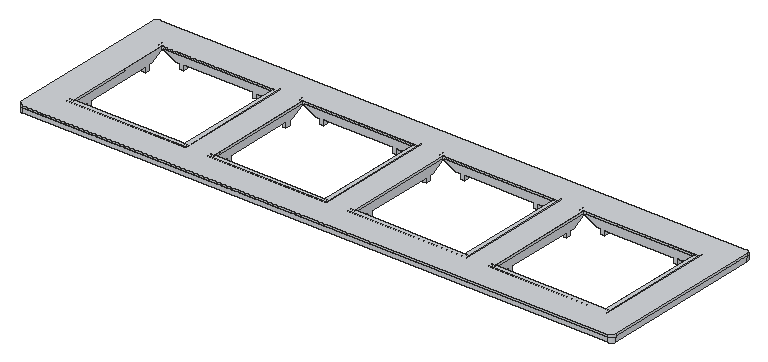
Revit family "Gira_0214295", category Electrical Fixtures, host Face, Revit 2017
Family settings
  Host = Face
  Maintain Annotation Orientation = No
  Round Connector Dimension = Use Diameter
  Part Type = Normal
  Cut with Voids When Loaded = No
  Shared = No
  Room Calculation Point = No
Parameters (values of type "Abdeckrahmen 4f flach Gira E2 Reinweiß")
  Werkstoffgüte = "Thermoplast"
  Werkstoff = "Kunststoff"
  URL = "http://katalog.gira.de/de_DE/datenblatt.html?artikelnr=0214295"
  Transparent = "No"
  Textfeld/Beschriftungsfläche = "No"
  Schutzart (IP) = "IP21"
  Region = "DE"
  RAL-Nummer (ähnlich) = "9010 "
  Oberfläche = "sonstige"
  Name = "Abdeckrahmen 4f flach Gira E2 Reinweiß"
  Montagerichtung = "horizontal und vertikal"
  Mit Montagerahmen = "No"
  Mit Klappdeckel = "No"
  Manufacturer URL = "https://www.gira.de/"
  Keynote = "E2flach_Rahmen_4fach"
  HeinzeBIM = "https://bimportal.heinze.de/bim/abdeckrahmen-4f-flach-gira-e2-reinweiss/750c022521ac375c9430a781b26e076f1da74bf4"
  Halogenfrei = "Yes"
  HAN = "0214295"
  Geeignet für Unterputz-Installation = "Yes"
  Geeignet für Unterflurkanaldose = "No"
  Geeignet für Geräteeinbaukanal = "No"
  Geeignet für Einbauinstallation = "No"
  GTIN = "4010337022268"
  Farbe = "weiß"
  Default Elevation = 1219.2 mm
  Data sheet (1) = "https://katalog.gira.de/de_DE/download.html?artikelnr=0214295"
  Category = "Abdeckrahmen"
  Befestigungsart = "Klemmbefestigung"
  Available = "Yes"
  Ausführung der Oberfläche = "glänzend"
  Anzahl der Einheiten vertikal = "4 "
  Anzahl der Einheiten horizontal = "4 "
  Anzahl der Einheiten = "4 "
Reference planes
  plane 1 "Center (Front/Back)": y = 0
  plane 2: z = 0
  plane 3 "Center (Left/Right)": x = 0
Forms (mm)
  Extrusion 1, solid, detail levels fine
    sketch origin (0, 0, 0) x (1, 0, 0) y (0, 1, 0)
      loop
        arc (-148.2, 43.9) -> (-149.968, 43.168) -> (-150.7, 41.4) r 2.5
        line (-150.7, 41.4) -> (-150.7, -41.4)
        arc (-150.7, -41.4) -> (-149.968, -43.168) -> (-148.2, -43.9) r 2.5
        line (-148.2, -43.9) -> (148.2, -43.9)
        arc (148.2, -43.9) -> (149.968, -43.168) -> (150.7, -41.4) r 2.5
        line (150.7, -41.4) -> (150.7, 41.4)
        arc (150.7, 41.4) -> (149.968, 43.168) -> (148.2, 43.9) r 2.5
        line (148.2, 43.9) -> (-148.2, 43.9)
      loop
        spline (-134.944, -27.245) -> (-134.936, -27.363) -> (-134.913, -27.478) -> (-134.875, -27.589) -> (-134.823, -27.695) -> (-134.758, -27.792) -> (-134.681, -27.881) -> (-134.592, -27.958) -> (-134.495, -28.023) -> (-134.389, -28.075) -> (-134.278, -28.113) -> (-134.163, -28.136) -> (-134.045, -28.144)
        line (-134.045, -28.144) -> (-79.555, -28.144)
        spline (-79.555, -28.144) -> (-79.437, -28.136) -> (-79.322, -28.113) -> (-79.211, -28.075) -> (-79.105, -28.023) -> (-79.008, -27.958) -> (-78.919, -27.881) -> (-78.842, -27.792) -> (-78.777, -27.695) -> (-78.725, -27.589) -> (-78.687, -27.478) -> (-78.664, -27.363) -> (-78.656, -27.245)
        line (-78.656, -27.245) -> (-78.656, 27.245)
        spline (-78.656, 27.245) -> (-78.664, 27.363) -> (-78.687, 27.478) -> (-78.725, 27.589) -> (-78.777, 27.695) -> (-78.842, 27.792) -> (-78.919, 27.881) -> (-79.008, 27.958) -> (-79.105, 28.023) -> (-79.211, 28.075) -> (-79.322, 28.113) -> (-79.437, 28.136) -> (-79.555, 28.144)
        line (-79.555, 28.144) -> (-134.045, 28.144)
        spline (-134.045, 28.144) -> (-134.163, 28.136) -> (-134.278, 28.113) -> (-134.389, 28.075) -> (-134.495, 28.023) -> (-134.592, 27.958) -> (-134.681, 27.881) -> (-134.758, 27.792) -> (-134.823, 27.695) -> (-134.875, 27.589) -> (-134.913, 27.478) -> (-134.936, 27.363) -> (-134.944, 27.245)
        line (-134.944, 27.245) -> (-134.944, -27.245)
      loop
        spline (134.045, -28.144) -> (134.163, -28.136) -> (134.278, -28.113) -> (134.389, -28.075) -> (134.495, -28.023) -> (134.592, -27.958) -> (134.681, -27.881) -> (134.758, -27.792) -> (134.823, -27.695) -> (134.875, -27.589) -> (134.913, -27.478) -> (134.936, -27.363) -> (134.944, -27.245)
        line (134.944, -27.245) -> (134.944, 27.245)
        spline (134.944, 27.245) -> (134.936, 27.363) -> (134.913, 27.478) -> (134.875, 27.589) -> (134.823, 27.695) -> (134.758, 27.792) -> (134.681, 27.881) -> (134.592, 27.958) -> (134.495, 28.023) -> (134.389, 28.075) -> (134.278, 28.113) -> (134.163, 28.136) -> (134.045, 28.144)
        line (134.045, 28.144) -> (79.555, 28.144)
        spline (79.555, 28.144) -> (79.437, 28.136) -> (79.322, 28.113) -> (79.211, 28.075) -> (79.105, 28.023) -> (79.008, 27.958) -> (78.919, 27.881) -> (78.842, 27.792) -> (78.777, 27.695) -> (78.725, 27.589) -> (78.687, 27.478) -> (78.664, 27.363) -> (78.656, 27.245)
        line (78.656, 27.245) -> (78.656, -27.245)
        spline (78.656, -27.245) -> (78.664, -27.363) -> (78.687, -27.478) -> (78.725, -27.589) -> (78.777, -27.695) -> (78.842, -27.792) -> (78.919, -27.881) -> (79.008, -27.958) -> (79.105, -28.023) -> (79.211, -28.075) -> (79.322, -28.113) -> (79.437, -28.136) -> (79.555, -28.144)
        line (79.555, -28.144) -> (134.045, -28.144)
      loop
        spline (-63.744, -27.245) -> (-63.736, -27.363) -> (-63.713, -27.478) -> (-63.675, -27.589) -> (-63.623, -27.695) -> (-63.558, -27.792) -> (-63.481, -27.881) -> (-63.392, -27.958) -> (-63.295, -28.023) -> (-63.189, -28.075) -> (-63.078, -28.113) -> (-62.963, -28.136) -> (-62.845, -28.144)
        line (-62.845, -28.144) -> (-8.355, -28.144)
        spline (-8.355, -28.144) -> (-8.237, -28.136) -> (-8.122, -28.113) -> (-8.011, -28.075) -> (-7.905, -28.023) -> (-7.808, -27.958) -> (-7.719, -27.881) -> (-7.642, -27.792) -> (-7.577, -27.695) -> (-7.525, -27.589) -> (-7.487, -27.478) -> (-7.464, -27.363) -> (-7.456, -27.245)
        line (-7.456, -27.245) -> (-7.456, 27.245)
        spline (-7.456, 27.245) -> (-7.464, 27.363) -> (-7.487, 27.478) -> (-7.525, 27.589) -> (-7.577, 27.695) -> (-7.642, 27.792) -> (-7.719, 27.881) -> (-7.808, 27.958) -> (-7.905, 28.023) -> (-8.011, 28.075) -> (-8.122, 28.113) -> (-8.237, 28.136) -> (-8.355, 28.144)
        line (-8.355, 28.144) -> (-62.845, 28.144)
        spline (-62.845, 28.144) -> (-62.963, 28.136) -> (-63.078, 28.113) -> (-63.189, 28.075) -> (-63.295, 28.023) -> (-63.392, 27.958) -> (-63.481, 27.881) -> (-63.558, 27.792) -> (-63.623, 27.695) -> (-63.675, 27.589) -> (-63.713, 27.478) -> (-63.736, 27.363) -> (-63.744, 27.245)
        line (-63.744, 27.245) -> (-63.744, -27.245)
      loop
        spline (7.456, -27.245) -> (7.464, -27.363) -> (7.487, -27.478) -> (7.525, -27.589) -> (7.577, -27.695) -> (7.642, -27.792) -> (7.719, -27.881) -> (7.808, -27.958) -> (7.905, -28.023) -> (8.011, -28.075) -> (8.122, -28.113) -> (8.237, -28.136) -> (8.355, -28.144)
        line (8.355, -28.144) -> (62.845, -28.144)
        spline (62.845, -28.144) -> (62.963, -28.136) -> (63.078, -28.113) -> (63.189, -28.075) -> (63.295, -28.023) -> (63.392, -27.958) -> (63.481, -27.881) -> (63.558, -27.792) -> (63.623, -27.695) -> (63.675, -27.589) -> (63.713, -27.478) -> (63.736, -27.363) -> (63.744, -27.245)
        line (63.744, -27.245) -> (63.744, 27.245)
        spline (63.744, 27.245) -> (63.736, 27.363) -> (63.713, 27.478) -> (63.675, 27.589) -> (63.623, 27.695) -> (63.558, 27.792) -> (63.481, 27.881) -> (63.392, 27.958) -> (63.295, 28.023) -> (63.189, 28.075) -> (63.078, 28.113) -> (62.963, 28.136) -> (62.845, 28.144)
        line (62.845, 28.144) -> (8.355, 28.144)
        spline (8.355, 28.144) -> (8.237, 28.136) -> (8.122, 28.113) -> (8.011, 28.075) -> (7.905, 28.023) -> (7.808, 27.958) -> (7.719, 27.881) -> (7.642, 27.792) -> (7.577, 27.695) -> (7.525, 27.589) -> (7.487, 27.478) -> (7.464, 27.363) -> (7.456, 27.245)
        line (7.456, 27.245) -> (7.456, -27.245)
    from 2.5 to 3.4
  Extrusion 2, solid, detail levels fine
    sketch origin (0, 0, 0) x (1, 0, 0) y (0, 1, 0)
      loop
        arc (-148.2, 43.9) -> (-149.968, 43.168) -> (-150.7, 41.4) r 2.5
        line (-150.7, 41.4) -> (-150.7, -41.4)
        arc (-150.7, -41.4) -> (-149.968, -43.168) -> (-148.2, -43.9) r 2.5
        line (-148.2, -43.9) -> (148.2, -43.9)
        arc (148.2, -43.9) -> (149.968, -43.168) -> (150.7, -41.4) r 2.5
        line (150.7, -41.4) -> (150.7, 41.4)
        arc (150.7, 41.4) -> (149.968, 43.168) -> (148.2, 43.9) r 2.5
        line (148.2, 43.9) -> (-148.2, 43.9)
      loop
        arc (-148.2, 43.4) -> (-149.614, 42.814) -> (-150.2, 41.4) r 2
        line (-150.2, 41.4) -> (-150.2, -41.4)
        arc (-150.2, -41.4) -> (-149.614, -42.814) -> (-148.2, -43.4) r 2
        line (-148.2, -43.4) -> (148.2, -43.4)
        arc (148.2, -43.4) -> (149.614, -42.814) -> (150.2, -41.4) r 2
        line (150.2, -41.4) -> (150.2, 41.4)
        arc (150.2, 41.4) -> (149.614, 42.814) -> (148.2, 43.4) r 2
        line (148.2, 43.4) -> (-148.2, 43.4)
    from 0 to 2.5
  Extrusion 3, solid, detail levels fine
    sketch origin (-106.8, 0, 0) x (1, 0, 0) y (0, 0, 1)
      loop
        line (-17.5, -4.06) -> (-17.5, -1.56) -> (17.5, -1.56) -> (17.5, -4.06) -> (19.5, -4.06) -> (19.5, -1.56) -> (21.654, -1.56) -> (27.214, 1.65) -> (30, 1.65) -> (30, 3.4) -> (-30, 3.4) -> (-30, 1.65) -> (-27.214, 1.65) -> (-21.654, -1.56) -> (-19.5, -1.56) -> (-19.5, -4.06) -> (-17.5, -4.06)
    from 28.144 to 30
  Extrusion 4, solid, detail levels fine
    sketch origin (-106.8, 0, 0) x (0, -1, 0) y (0, 0, -1)
      loop
        line (-17.5, 4.06) -> (-19.5, 4.06) -> (-19.5, 1.56) -> (-21.654, 1.56) -> (-27.214, -1.65) -> (-28.144, -1.65) -> (-28.144, -3.4) -> (28.144, -3.4) -> (28.144, -1.65) -> (27.214, -1.65) -> (21.654, 1.56) -> (19.5, 1.56) -> (19.5, 4.06) -> (17.5, 4.06) -> (17.5, 1.56) -> (-17.5, 1.56) -> (-17.5, 4.06)
    from 28.144 to 30
  Extrusion 5, solid, detail levels medium
    sketch origin (-106.8, 0, 0) x (0, -1, 0) y (0, 0, 1)
      loop
        line (-17.5, -4.06) -> (-17.5, -1.56) -> (17.5, -1.56) -> (17.5, -4.06) -> (19.5, -4.06) -> (19.5, -1.56) -> (28.144, -1.56) -> (28.144, 3.4) -> (-28.144, 3.4) -> (-28.144, -1.56) -> (-19.5, -1.56) -> (-19.5, -4.06) -> (-17.5, -4.06)
    from 28.144 to 30
  Extrusion 6, solid, detail levels fine
    sketch origin (-106.8, 0, 0) x (1, 0, 0) y (0, 0, -1)
      loop
        line (-17.5, 4.06) -> (-19.5, 4.06) -> (-19.5, 1.56) -> (-21.654, 1.56) -> (-27.214, -1.65) -> (-30, -1.65) -> (-30, -3.4) -> (30, -3.4) -> (30, -1.65) -> (27.214, -1.65) -> (21.654, 1.56) -> (19.5, 1.56) -> (19.5, 4.06) -> (17.5, 4.06) -> (17.5, 1.56) -> (-17.5, 1.56) -> (-17.5, 4.06)
    from 28.144 to 30
  Extrusion 7, solid, detail levels coarse
    sketch origin (0, 0, 0) x (1, 0, 0) y (0, 1, 0)
      loop
        line (-150.7, 43.9) -> (-150.7, -43.9) -> (150.7, -43.9) -> (150.7, 43.9) -> (-150.7, 43.9)
    from -4.06 to 3.4
  Extrusion 8, solid, detail levels medium
    sketch origin (0, 0, 0) x (1, 0, 0) y (0, 1, 0)
      loop
        line (-150.7, 43.9) -> (-150.7, -43.9) -> (150.7, -43.9) -> (150.7, 43.9) -> (-150.7, 43.9)
    from 0 to 3.4
  Extrusion 9, solid, detail levels medium
    sketch origin (-106.8, 0, 0) x (1, 0, 0) y (0, 0, 1)
      loop
        line (-17.5, -4.06) -> (-17.5, -1.56) -> (17.5, -1.56) -> (17.5, -4.06) -> (19.5, -4.06) -> (19.5, -1.56) -> (30, -1.56) -> (30, 3.4) -> (-30, 3.4) -> (-30, -1.56) -> (-19.5, -1.56) -> (-19.5, -4.06) -> (-17.5, -4.06)
    from 28.144 to 30
  Extrusion 10, solid, detail levels medium
    sketch origin (-106.8, 0, 0) x (1, 0, 0) y (0, 0, -1)
      loop
        line (-17.5, 4.06) -> (-19.5, 4.06) -> (-19.5, 1.56) -> (-30, 1.56) -> (-30, -3.4) -> (30, -3.4) -> (30, 1.56) -> (19.5, 1.56) -> (19.5, 4.06) -> (17.5, 4.06) -> (17.5, 1.56) -> (-17.5, 1.56) -> (-17.5, 4.06)
    from 28.144 to 30
  Extrusion 11, solid, detail levels medium
    sketch origin (-106.8, 0, 0) x (0, -1, 0) y (0, 0, -1)
      loop
        line (-17.5, 4.06) -> (-19.5, 4.06) -> (-19.5, 1.56) -> (-28.144, 1.56) -> (-28.144, -3.4) -> (28.144, -3.4) -> (28.144, 1.56) -> (19.5, 1.56) -> (19.5, 4.06) -> (17.5, 4.06) -> (17.5, 1.56) -> (-17.5, 1.56) -> (-17.5, 4.06)
    from 28.144 to 30
  Extrusion 12, solid, detail levels fine
    sketch origin (35.6, 0, 0) x (-1, 0, 0) y (0, 0, -1)
      loop
        line (-17.5, 4.06) -> (-19.5, 4.06) -> (-19.5, 1.56) -> (-21.654, 1.56) -> (-27.214, -1.65) -> (-30, -1.65) -> (-30, -3.4) -> (30, -3.4) -> (30, -1.65) -> (27.214, -1.65) -> (21.654, 1.56) -> (19.5, 1.56) -> (19.5, 4.06) -> (17.5, 4.06) -> (17.5, 1.56) -> (-17.5, 1.56) -> (-17.5, 4.06)
    from 28.144 to 30
  Extrusion 13, solid, detail levels fine
    sketch origin (35.6, 0, 0) x (0, -1, 0) y (0, 0, 1)
      loop
        line (-17.5, -4.06) -> (-17.5, -1.56) -> (17.5, -1.56) -> (17.5, -4.06) -> (19.5, -4.06) -> (19.5, -1.56) -> (21.654, -1.56) -> (27.214, 1.65) -> (28.144, 1.65) -> (28.144, 3.4) -> (-28.144, 3.4) -> (-28.144, 1.65) -> (-27.214, 1.65) -> (-21.654, -1.56) -> (-19.5, -1.56) -> (-19.5, -4.06) -> (-17.5, -4.06)
    from 28.144 to 30
  Extrusion 14, solid, detail levels medium
    sketch origin (35.6, 0, 0) x (0, -1, 0) y (0, 0, -1)
      loop
        line (-17.5, 4.06) -> (-19.5, 4.06) -> (-19.5, 1.56) -> (-28.144, 1.56) -> (-28.144, -3.4) -> (28.144, -3.4) -> (28.144, 1.56) -> (19.5, 1.56) -> (19.5, 4.06) -> (17.5, 4.06) -> (17.5, 1.56) -> (-17.5, 1.56) -> (-17.5, 4.06)
    from 28.144 to 30
  Extrusion 15, solid, detail levels fine
    sketch origin (35.6, 0, 0) x (-1, 0, 0) y (0, 0, 1)
      loop
        line (-17.5, -4.06) -> (-17.5, -1.56) -> (17.5, -1.56) -> (17.5, -4.06) -> (19.5, -4.06) -> (19.5, -1.56) -> (21.654, -1.56) -> (27.214, 1.65) -> (30, 1.65) -> (30, 3.4) -> (-30, 3.4) -> (-30, 1.65) -> (-27.214, 1.65) -> (-21.654, -1.56) -> (-19.5, -1.56) -> (-19.5, -4.06) -> (-17.5, -4.06)
    from 28.144 to 30
  Extrusion 16, solid, detail levels medium
    sketch origin (35.6, 0, 0) x (-1, 0, 0) y (0, 0, -1)
      loop
        line (-17.5, 4.06) -> (-19.5, 4.06) -> (-19.5, 1.56) -> (-30, 1.56) -> (-30, -3.4) -> (30, -3.4) -> (30, 1.56) -> (19.5, 1.56) -> (19.5, 4.06) -> (17.5, 4.06) -> (17.5, 1.56) -> (-17.5, 1.56) -> (-17.5, 4.06)
    from 28.144 to 30
  Extrusion 17, solid, detail levels medium
    sketch origin (35.6, 0, 0) x (-1, 0, 0) y (0, 0, 1)
      loop
        line (-17.5, -4.06) -> (-17.5, -1.56) -> (17.5, -1.56) -> (17.5, -4.06) -> (19.5, -4.06) -> (19.5, -1.56) -> (30, -1.56) -> (30, 3.4) -> (-30, 3.4) -> (-30, -1.56) -> (-19.5, -1.56) -> (-19.5, -4.06) -> (-17.5, -4.06)
    from 28.144 to 30
  Extrusion 18, solid, detail levels medium
    sketch origin (35.6, 0, 0) x (0, -1, 0) y (0, 0, 1)
      loop
        line (-17.5, -4.06) -> (-17.5, -1.56) -> (17.5, -1.56) -> (17.5, -4.06) -> (19.5, -4.06) -> (19.5, -1.56) -> (28.144, -1.56) -> (28.144, 3.4) -> (-28.144, 3.4) -> (-28.144, -1.56) -> (-19.5, -1.56) -> (-19.5, -4.06) -> (-17.5, -4.06)
    from 28.144 to 30
  Extrusion 19, solid, detail levels fine
    sketch origin (-164.944, 0, 0) x (0, -1, 0) y (0, 0, -1)
      loop
        line (-17.5, 4.06) -> (-19.5, 4.06) -> (-19.5, 1.56) -> (-21.654, 1.56) -> (-27.214, -1.65) -> (-28.144, -1.65) -> (-28.144, -3.4) -> (28.144, -3.4) -> (28.144, -1.65) -> (27.214, -1.65) -> (21.654, 1.56) -> (19.5, 1.56) -> (19.5, 4.06) -> (17.5, 4.06) -> (17.5, 1.56) -> (-17.5, 1.56) -> (-17.5, 4.06)
    from 28.144 to 30
  Extrusion 20, solid, detail levels fine
    sketch origin (93.744, 0, 0) x (0, -1, 0) y (0, 0, 1)
      loop
        line (-17.5, -4.06) -> (-17.5, -1.56) -> (17.5, -1.56) -> (17.5, -4.06) -> (19.5, -4.06) -> (19.5, -1.56) -> (21.654, -1.56) -> (27.214, 1.65) -> (28.144, 1.65) -> (28.144, 3.4) -> (-28.144, 3.4) -> (-28.144, 1.65) -> (-27.214, 1.65) -> (-21.654, -1.56) -> (-19.5, -1.56) -> (-19.5, -4.06) -> (-17.5, -4.06)
    from 28.144 to 30
  Extrusion 21, solid, detail levels fine
    sketch origin (-35.6, 0, 0) x (-1, 0, 0) y (0, 0, -1)
      loop
        line (-17.5, 4.06) -> (-19.5, 4.06) -> (-19.5, 1.56) -> (-21.654, 1.56) -> (-27.214, -1.65) -> (-30, -1.65) -> (-30, -3.4) -> (30, -3.4) -> (30, -1.65) -> (27.214, -1.65) -> (21.654, 1.56) -> (19.5, 1.56) -> (19.5, 4.06) -> (17.5, 4.06) -> (17.5, 1.56) -> (-17.5, 1.56) -> (-17.5, 4.06)
    from 28.144 to 30
  Extrusion 22, solid, detail levels fine
    sketch origin (-35.6, 0, 0) x (0, -1, 0) y (0, 0, 1)
      loop
        line (-17.5, -4.06) -> (-17.5, -1.56) -> (17.5, -1.56) -> (17.5, -4.06) -> (19.5, -4.06) -> (19.5, -1.56) -> (21.654, -1.56) -> (27.214, 1.65) -> (28.144, 1.65) -> (28.144, 3.4) -> (-28.144, 3.4) -> (-28.144, 1.65) -> (-27.214, 1.65) -> (-21.654, -1.56) -> (-19.5, -1.56) -> (-19.5, -4.06) -> (-17.5, -4.06)
    from 28.144 to 30
  Extrusion 23, solid, detail levels medium
    sketch origin (-35.6, 0, 0) x (0, -1, 0) y (0, 0, -1)
      loop
        line (-17.5, 4.06) -> (-19.5, 4.06) -> (-19.5, 1.56) -> (-28.144, 1.56) -> (-28.144, -3.4) -> (28.144, -3.4) -> (28.144, 1.56) -> (19.5, 1.56) -> (19.5, 4.06) -> (17.5, 4.06) -> (17.5, 1.56) -> (-17.5, 1.56) -> (-17.5, 4.06)
    from 28.144 to 30
  Extrusion 24, solid, detail levels fine
    sketch origin (-35.6, 0, 0) x (-1, 0, 0) y (0, 0, 1)
      loop
        line (-17.5, -4.06) -> (-17.5, -1.56) -> (17.5, -1.56) -> (17.5, -4.06) -> (19.5, -4.06) -> (19.5, -1.56) -> (21.654, -1.56) -> (27.214, 1.65) -> (30, 1.65) -> (30, 3.4) -> (-30, 3.4) -> (-30, 1.65) -> (-27.214, 1.65) -> (-21.654, -1.56) -> (-19.5, -1.56) -> (-19.5, -4.06) -> (-17.5, -4.06)
    from 28.144 to 30
  Extrusion 25, solid, detail levels medium
    sketch origin (-35.6, 0, 0) x (-1, 0, 0) y (0, 0, -1)
      loop
        line (-17.5, 4.06) -> (-19.5, 4.06) -> (-19.5, 1.56) -> (-30, 1.56) -> (-30, -3.4) -> (30, -3.4) -> (30, 1.56) -> (19.5, 1.56) -> (19.5, 4.06) -> (17.5, 4.06) -> (17.5, 1.56) -> (-17.5, 1.56) -> (-17.5, 4.06)
    from 28.144 to 30
  Extrusion 26, solid, detail levels medium
    sketch origin (-35.6, 0, 0) x (-1, 0, 0) y (0, 0, 1)
      loop
        line (-17.5, -4.06) -> (-17.5, -1.56) -> (17.5, -1.56) -> (17.5, -4.06) -> (19.5, -4.06) -> (19.5, -1.56) -> (30, -1.56) -> (30, 3.4) -> (-30, 3.4) -> (-30, -1.56) -> (-19.5, -1.56) -> (-19.5, -4.06) -> (-17.5, -4.06)
    from 28.144 to 30
  Extrusion 27, solid, detail levels medium
    sketch origin (-35.6, 0, 0) x (0, -1, 0) y (0, 0, 1)
      loop
        line (-17.5, -4.06) -> (-17.5, -1.56) -> (17.5, -1.56) -> (17.5, -4.06) -> (19.5, -4.06) -> (19.5, -1.56) -> (28.144, -1.56) -> (28.144, 3.4) -> (-28.144, 3.4) -> (-28.144, -1.56) -> (-19.5, -1.56) -> (-19.5, -4.06) -> (-17.5, -4.06)
    from 28.144 to 30
  Extrusion 28, solid, detail levels fine
    sketch origin (22.544, 0, 0) x (0, -1, 0) y (0, 0, 1)
      loop
        line (-17.5, -4.06) -> (-17.5, -1.56) -> (17.5, -1.56) -> (17.5, -4.06) -> (19.5, -4.06) -> (19.5, -1.56) -> (21.654, -1.56) -> (27.214, 1.65) -> (28.144, 1.65) -> (28.144, 3.4) -> (-28.144, 3.4) -> (-28.144, 1.65) -> (-27.214, 1.65) -> (-21.654, -1.56) -> (-19.5, -1.56) -> (-19.5, -4.06) -> (-17.5, -4.06)
    from 28.144 to 30
  Extrusion 29, solid, detail levels fine
    sketch origin (106.8, 0, 0) x (-1, 0, 0) y (0, 0, -1)
      loop
        line (-17.5, 4.06) -> (-19.5, 4.06) -> (-19.5, 1.56) -> (-21.654, 1.56) -> (-27.214, -1.65) -> (-30, -1.65) -> (-30, -3.4) -> (30, -3.4) -> (30, -1.65) -> (27.214, -1.65) -> (21.654, 1.56) -> (19.5, 1.56) -> (19.5, 4.06) -> (17.5, 4.06) -> (17.5, 1.56) -> (-17.5, 1.56) -> (-17.5, 4.06)
    from 28.144 to 30
  Extrusion 30, solid, detail levels fine
    sketch origin (106.8, 0, 0) x (0, -1, 0) y (0, 0, 1)
      loop
        line (-17.5, -4.06) -> (-17.5, -1.56) -> (17.5, -1.56) -> (17.5, -4.06) -> (19.5, -4.06) -> (19.5, -1.56) -> (21.654, -1.56) -> (27.214, 1.65) -> (28.144, 1.65) -> (28.144, 3.4) -> (-28.144, 3.4) -> (-28.144, 1.65) -> (-27.214, 1.65) -> (-21.654, -1.56) -> (-19.5, -1.56) -> (-19.5, -4.06) -> (-17.5, -4.06)
    from 28.144 to 30
  Extrusion 31, solid, detail levels medium
    sketch origin (106.8, 0, 0) x (0, -1, 0) y (0, 0, -1)
      loop
        line (-17.5, 4.06) -> (-19.5, 4.06) -> (-19.5, 1.56) -> (-28.144, 1.56) -> (-28.144, -3.4) -> (28.144, -3.4) -> (28.144, 1.56) -> (19.5, 1.56) -> (19.5, 4.06) -> (17.5, 4.06) -> (17.5, 1.56) -> (-17.5, 1.56) -> (-17.5, 4.06)
    from 28.144 to 30
  Extrusion 32, solid, detail levels fine
    sketch origin (106.8, 0, 0) x (-1, 0, 0) y (0, 0, 1)
      loop
        line (-17.5, -4.06) -> (-17.5, -1.56) -> (17.5, -1.56) -> (17.5, -4.06) -> (19.5, -4.06) -> (19.5, -1.56) -> (21.654, -1.56) -> (27.214, 1.65) -> (30, 1.65) -> (30, 3.4) -> (-30, 3.4) -> (-30, 1.65) -> (-27.214, 1.65) -> (-21.654, -1.56) -> (-19.5, -1.56) -> (-19.5, -4.06) -> (-17.5, -4.06)
    from 28.144 to 30
  Extrusion 33, solid, detail levels medium
    sketch origin (106.8, 0, 0) x (-1, 0, 0) y (0, 0, -1)
      loop
        line (-17.5, 4.06) -> (-19.5, 4.06) -> (-19.5, 1.56) -> (-30, 1.56) -> (-30, -3.4) -> (30, -3.4) -> (30, 1.56) -> (19.5, 1.56) -> (19.5, 4.06) -> (17.5, 4.06) -> (17.5, 1.56) -> (-17.5, 1.56) -> (-17.5, 4.06)
    from 28.144 to 30
  Extrusion 34, solid, detail levels medium
    sketch origin (106.8, 0, 0) x (-1, 0, 0) y (0, 0, 1)
      loop
        line (-17.5, -4.06) -> (-17.5, -1.56) -> (17.5, -1.56) -> (17.5, -4.06) -> (19.5, -4.06) -> (19.5, -1.56) -> (30, -1.56) -> (30, 3.4) -> (-30, 3.4) -> (-30, -1.56) -> (-19.5, -1.56) -> (-19.5, -4.06) -> (-17.5, -4.06)
    from 28.144 to 30
  Extrusion 35, solid, detail levels medium
    sketch origin (106.8, 0, 0) x (0, -1, 0) y (0, 0, 1)
      loop
        line (-17.5, -4.06) -> (-17.5, -1.56) -> (17.5, -1.56) -> (17.5, -4.06) -> (19.5, -4.06) -> (19.5, -1.56) -> (28.144, -1.56) -> (28.144, 3.4) -> (-28.144, 3.4) -> (-28.144, -1.56) -> (-19.5, -1.56) -> (-19.5, -4.06) -> (-17.5, -4.06)
    from 28.144 to 30
  Extrusion 36, solid, detail levels fine
    sketch origin (164.944, 0, 0) x (0, -1, 0) y (0, 0, 1)
      loop
        line (-17.5, -4.06) -> (-17.5, -1.56) -> (17.5, -1.56) -> (17.5, -4.06) -> (19.5, -4.06) -> (19.5, -1.56) -> (21.654, -1.56) -> (27.214, 1.65) -> (28.144, 1.65) -> (28.144, 3.4) -> (-28.144, 3.4) -> (-28.144, 1.65) -> (-27.214, 1.65) -> (-21.654, -1.56) -> (-19.5, -1.56) -> (-19.5, -4.06) -> (-17.5, -4.06)
    from 28.144 to 30
Dimensions and locks
  aligned and locked: plane 2 to host face
  aligned and locked: level to host face
